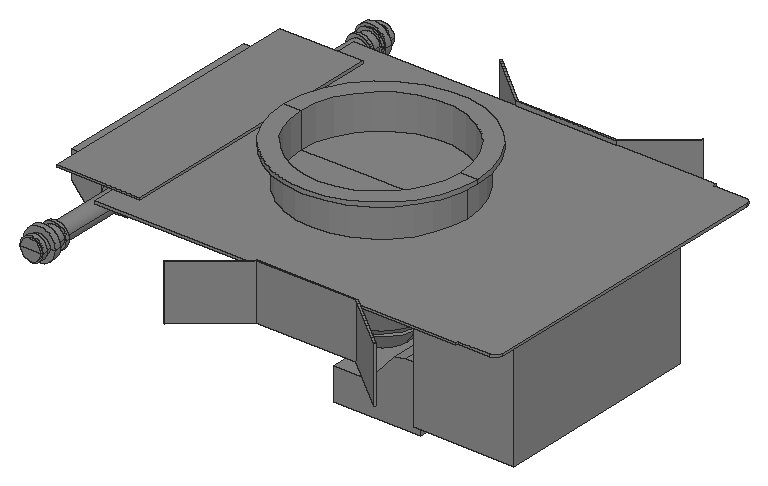
Revit family "CFR6", category Lighting Fixtures, host Face, Revit 2014
Parameters (values of type "CFR6")
  Watts = 26 W
  Wattage Comments = "26W"
  Wattage = 26 W
  built-in parameter 1150110 = 1 (stored number, unit not read)
  Voltage = 120 V
  URL = "https://www.hubbell.com/prescolite/en/"
  built-in parameter 1114217 = 1 (stored number, unit not read)
  Tilt Angle = -90.00°
  built-in parameter 1150109 = 1 (stored number, unit not read)
  built-in parameter 1150134 = 3
  built-in parameter 1150113 = 1 (stored number, unit not read)
  Product Page URL = "https://www.hubbell.com/prescolite/en/Products/Lighting-Controls/Commercial-Indoor-Lighting/Recessed-Downlights/CFR6-Horizontal/p/212845"
  Product Documentation Link = "https://hubbellcdn.com/specsheet/arch_cfl_057.pdf"
  Power Factor = 0.97
  Photometric Web Link = "https://www.hubbell.com/prescolite/en/Products/Lighting-Controls/Commercial-Indoor-Lighting/Recessed-Downlights/CFR6-Horizontal/p/212845"
  Photometric Web File = "CFR6126EB.ies"
  Photometric Notes = "More IES files download on Photometric Web Link"  # constant formula
  Model = "CFR6"  # constant formula
  Manufacturer = "Prescolite"  # constant formula
  built-in parameter 1150105 = 1720.3 (stored number, unit not read)
  Lumens = 1794 lm
  built-in parameter 1150115 = 1 (stored number, unit not read)
  Load Classification = Lighting
  built-in parameter 1150137 = (empty or 0)
  built-in parameter 1150139 = (empty or 0)
  built-in parameter 1150112 = 1 (stored number, unit not read)
  built-in parameter 1150114 = 1 (stored number, unit not read)
  Lamp = "CFL"  # constant formula
  built-in parameter 1150132 = (empty or 0)
  built-in parameter 1150102 = (empty or 0)
  built-in parameter 1150107 = 3200 (stored number, unit not read)
  built-in parameter 1150138 = (empty or 0)
  built-in parameter 1150106 = 17.203 (stored number, unit not read)
  Housing = Steel - Hubbell - Gray
  Glass = Hubbell - White Glass
  Finish = Steel - Hubbell - Gray
  Emit from Circle Diameter = 6"  # constant formula
  Emit Shape Visible in Rendering = no
  built-in parameter 1150104 = 6.4103 (stored number, unit not read)
  Dimming Lamp Color Temperature Shift = <None>
  Description = "6'' Horizontal Twin and Quad Tube Open, Wall Wash and Regressed Lensed Downlights"  # constant formula
  Default Elevation = 22"
  Contact Us = "https://www.hubbell.com/prescolite/en/contactUs"
  Color Filter = 16777215
  built-in parameter 1114218 = 1 (stored number, unit not read)
  built-in parameter 1150133 = 10 (stored number, unit not read)
  Assembly Code = "D5020210"
  Apparent Load = Watts / Power Factor  # 26.8041 VA
Reference planes (in)
  plane 1 "Center (Front/Back)": y = 0
  plane 2: z = 0
  plane 3 "Center (Left/Right)": x = 0
  plane 4: x = -8.75
  plane 5: x = 8.75
  plane 6: y = 7.5
  plane 7: y = -7.5
  plane 8: x = -0.64787
  plane 9: x = 2.7186
  plane 10: z = -7.11537
  plane 11: x = -0.39787
  plane 12: x = 3.52753
  plane 13: z = -4.8328
  plane 14: z = -5.96474
  plane 15: through (0.27621, -180, -6.64509) normal (-0.7547, 0, 0.6561)
  plane 16: through (0.9928, -180, -5.0466) normal (-0.1736, 0, 0.9848)
  plane 17: z = -7.125
  plane 18: z = -6.06965
  plane 19: z = -1.25
  plane 20: x = -4.14813
  plane 21: x = -3.52287
  plane 22: x = -3.77575
  plane 23: z = 0.14944
  plane 24: z = -1.1219
  plane 25: z = 0.27444
Forms (in)
  Revolve 1, solid, material "Steel - Hubbell - Gray" <- "Finish"
    sketch origin (0, 0, -7.17078) x (1, 0, 0) y (0, 0, 1)
      loop
        arc (-3.48971, 5.92384) -> (-3.3689, 5.07624) -> (-3.16941, 4.24362) r 9.15213
        line (-3.16941, 4.24362) -> (-3.05904, 4.24362)
        arc (-3.05904, 4.24362) -> (-2.73045, 3.13336) -> (-2.23173, 2.0884) r 7.35661
        line (-2.23173, 2.0884) -> (-1.97707, 1.83375) -> (-2.03835, 1.77247)
        arc (-2.03835, 1.77247) -> (-1.8026, 1.42987) -> (-1.54787, 1.10113) r 7.35661
        line (-1.54787, 1.10113) -> (-0.64787, 1.10113) -> (-0.64787, 1.206) -> (-1.50777, 1.206)
        arc (-1.50777, 1.206) -> (-2.38201, 2.6474) -> (-2.92424, 4.24362) r 7.75777
        line (-2.92424, 4.24362) -> (-2.92424, 4.39558) -> (-3.08959, 4.39558)
        arc (-3.08959, 4.39558) -> (-3.26947, 5.15115) -> (-3.37392, 5.92078) r 7.86188
        line (-3.37392, 5.92078) -> (-0.64787, 5.92078) -> (-0.64787, 6.04888) -> (-3.52287, 6.04888) -> (-3.52287, 7.32022) -> (-4.14813, 7.32022) -> (-4.14813, 7.1714) -> (-3.77575, 7.1714) -> (-3.77575, 5.92384) -> (-3.48971, 5.92384)
      axis (-0.64787, 1.10113) -> (-0.64787, 7.32022)
    angle from 0 to 360
  Sweep 2, solid, material "Steel - Hubbell - Gray" <- "Housing"
    path origin (0, 0, -7.17078) x (1, 0, 0) y (0, 0, 1)
      loop
        line (-1.02952, 5.92078) -> (-1.02952, 5.84578)
    profile origin (-1.02952, 0, -1.2875) x (0, -1, 0) y (1, 0, 0)
      loop
        line (-5.94341, -5.33125) -> (5.7798, -5.33125) -> (5.7798, 7.7136) -> (5.68018, 7.7136) -> (5.68018, 8.88165)
        arc (5.68018, 8.88165) -> (5.60696, 9.05843) -> (5.43018, 9.13165) r 0.25
        line (5.43018, 9.13165) -> (-5.57376, 9.13165)
        arc (-5.57376, 9.13165) -> (-5.75054, 9.05843) -> (-5.82376, 8.88165) r 0.25
        line (-5.82376, 8.88165) -> (-5.82376, 7.74648) -> (-5.94341, 7.74648) -> (-5.94341, -5.33125)
  Sweep 3, solid, material "Steel - Hubbell - Gray" <- "Housing"
    path origin (0, 0, 0) x (1, 0, 0) y (0, 1, 0)
      loop
        line (-7.94413, 3.93594) -> (-7.94413, -3.80679)
    profile origin (-7.94413, 0.06458, 0) x (1, 0, 0) y (0, 0, 1)
      loop
        line (-0.80587, -1.25) -> (-0.80587, -2.27623) -> (-0.36197, -2.80525) -> (1.20109, -2.80525) -> (1.60076, -2.40558) -> (1.60076, -1.25) -> (-0.80587, -1.25)
  Revolve 4, solid, material "Steel - Hubbell - Gray" <- "Housing"
    sketch origin (0, 0, -2.10708) x (1, 0, 0) y (0, 1, 0)
      loop
        line (-6.96996, 8.02907) -> (-7.33286, 8.02907) -> (-7.33286, 7.98474) -> (-7.38828, 7.98474) -> (-7.38828, 7.82958) -> (-7.33286, 7.82958) -> (-7.33286, 7.63662) -> (-7.54669, 7.63662) -> (-7.54669, 7.4246) -> (-7.46037, 7.4246) -> (-7.46037, 7.35772) -> (-7.35461, 7.35772) -> (-7.35461, 7.00661) -> (-7.43858, 7.00661) -> (-7.43858, 6.90317) -> (-7.30908, 6.90317) -> (-7.30908, 4.17882) -> (-7.46037, 4.17882) -> (-7.46037, 4.11194) -> (-7.54669, 4.11194) -> (-7.54669, 3.93594) -> (-6.96996, 3.93594) -> (-6.96996, 8.02907)
      axis (-6.96996, 8.02907) -> (-6.96996, 3.93594)
    angle from 0 to 360
  Sweep 5, solid, material "Steel - Hubbell - Gray" <- "Housing"
    path origin (0, 0, -7.17078) x (1, 0, 0) y (0, 0, 1)
      loop
        line (-6.75, 5.92078) -> (-6.75, 5.9961)
    profile origin (-6.75, 0, -1.21234) x (-1, 0, 0) y (0, -1, 0)
      loop
        line (1.66154, -5.13041) -> (1.66154, 4.92223) -> (-1.33846, 4.92223) -> (-1.33846, -5.13041) -> (1.66154, -5.13041)
  Revolve 6, solid, material "Steel - Hubbell - Gray" <- "Housing"
    sketch origin (0, 0.12915, -2.10708) x (1, 0, 0) y (0, 1, 0)
      loop
        line (-6.96996, -8.02907) -> (-6.96996, -3.93594) -> (-7.54669, -3.93594) -> (-7.54669, -4.11194) -> (-7.46037, -4.11194) -> (-7.46037, -4.17882) -> (-7.30908, -4.17882) -> (-7.30908, -6.90317) -> (-7.43858, -6.90317) -> (-7.43858, -7.00661) -> (-7.35461, -7.00661) -> (-7.35461, -7.35772) -> (-7.46037, -7.35772) -> (-7.46037, -7.4246) -> (-7.54669, -7.4246) -> (-7.54669, -7.63662) -> (-7.33286, -7.63662) -> (-7.33286, -7.82958) -> (-7.38828, -7.82958) -> (-7.38828, -7.98474) -> (-7.33286, -7.98474) -> (-7.33286, -8.02907) -> (-6.96996, -8.02907)
      axis (-6.96996, -8.02907) -> (-6.96996, -3.93594)
    angle from 0 to 360
  Sweep 7, solid, material "Steel - Hubbell - Gray" <- "Housing"
    path origin (0, 0, 0) x (1, 0, 0) y (0, 1, 0)
      loop
        line (5.12586, -3.74938) -> (5.12586, 3.78134)
    profile origin (5.12586, 0.01598, 0) x (-1, 0, 0) y (0, 0, 1)
      loop
        line (1.59833, -5.98527) -> (1.59833, -1.325) -> (-2.01374, -1.325) -> (-2.01374, -5.98527) -> (1.59833, -5.98527)
  Sweep 8, solid, material "Steel - Hubbell - Gray" <- "Housing"
    path origin (0, 0.20871, -7.17078) x (1, 0, 0) y (0, 0, -1)
      loop
        line (0.63092, -4.07259) -> (0.63092, -6.07483)
    profile origin (0.63092, 0.20871, -2.09708) x (1, 0, 0) y (0, 1, 0)
      loop
        line (-1.13808, 5.73469) -> (2.50942, 5.73469) -> (4.35577, 7.28396) -> (4.31751, 7.32222) -> (2.49074, 5.78938) -> (-1.11939, 5.78938) -> (-2.94616, 7.32222) -> (-2.98443, 7.28396) -> (-1.13808, 5.73469)
  Sweep 9, solid, material "Steel - Hubbell - Gray" <- "Housing"
    path origin (0, -0.04511, -7.17078) x (1, 0, 0) y (0, 0, 1)
      loop
        line (1.27879, 4.07259) -> (1.27879, 6.07483)
    profile origin (1.27879, -0.04511, -2.09708) x (-1, 0, 0) y (0, -1, 0)
      loop
        line (1.78595, 5.73469) -> (3.78523, 7.41229) -> (3.74697, 7.45055) -> (1.76727, 5.78938) -> (-1.84287, 5.78938) -> (-3.82257, 7.45055) -> (-3.86083, 7.41229) -> (-1.86155, 5.73469) -> (1.78595, 5.73469)
  Sweep 10, solid, material "Steel - Hubbell - Gray" <- "Housing"
    path origin (0, 0, 0) x (1, 0, 0) y (0, 1, 0)
      loop
        line (2.7186, 2.58015) -> (2.7186, -2.41985)
    profile origin (2.7186, 0.08015, 0) x (1, 0, 0) y (0, 0, 1)
      loop
        line (-3.11647, -5.96474) -> (-3.11647, -7.11537) -> (0, -7.11537) -> (0, -5.96474) -> (0.80893, -5.96474) -> (0.80893, -4.8328) -> (-0.51327, -4.8328) -> (-0.93102, -4.90646) -> (-1.85097, -5.96474) -> (-3.11647, -5.96474)
  Extrusion 11, void
    sketch origin (0, 0, 0) x (1, 0, 0) y (0, 1, 0)
      loop
        circle (-0.64787, 0) r 3.125
    from 0 to -1.25
Lines and regions (in)
  symbolic lines
    curve 1: line (-8.75, 7.5, 0) -> (8.75, 7.5, 0)
    curve 2: line (-8.75, -7.5, 0) -> (-8.75, 7.5, 0)
    curve 3: line (8.75, -7.5, 0) -> (-8.75, -7.5, 0)
    curve 4: line (8.75, 7.5, 0) -> (8.75, -7.5, 0)
Dimensions and locks (in)
  equal spacing: plane 4, plane 3 "Center (Left/Right)", plane 5
  locked: plane 4 to plane 5 at 17.5
  locked: plane 6 to plane 7 at 15
  equal spacing: plane 6, plane 1 "Center (Front/Back)", plane 7
  locked: imposter light to Sweep 8 sketch curve at 1.27879
  locked: plane 4 to Sweep 3 sketch curve at 0.80587
  locked: Sweep 7 sketch curve to plane 5 at 3.62414
  locked: imposter light to Sweep 2 sketch curve at 0.38165
  locked: plane 3 "Center (Left/Right)" to plane 11 at 0.39787
  locked: plane 9 to plane 11 at 3.11647
  locked: plane 12 to plane 9 at 0.80893
  locked: plane 2 to plane 13 at 4.8328
  locked: plane 13 to plane 10 at 2.28257
  locked: plane 13 to plane 14 at 1.13194
  locked: plane 2 to plane 17 at 7.125
  locked: plane 2 to plane 18 at 6.06965
  plane 2 to plane 19 = 1 1/4"
  plane 8 to plane 21 = 2 7/8"
  plane 21 to plane 22 = 0.25287"
  plane 8 to plane 20 = 3.50026"
  locked: plane 23 to plane 2 at 0.14944
  radius of Extrusion 11 sketch curve = 3 1/8"
  locked: plane 13 to plane 16 (angle 10.00°)
  locked: plane 13 to plane 15 (angle 49.00°)
  aligned and locked: plane 2 to host face
  aligned and locked: level to host face
  aligned and locked: curve 1 to plane 6
  aligned and locked: plane 4 to curve 2
  aligned and locked: plane 7 to curve 3
  aligned and locked: plane 5 to curve 4
  aligned and locked: profile plane to plane 2
  aligned and locked: plane 9 to profile plane
  aligned and locked: plane 10 to Sweep 10 sketch curve
  aligned and locked: plane 11 to Sweep 10 sketch curve
  aligned and locked: plane 12 to Sweep 10 sketch curve
  aligned and locked: plane 13 to Sweep 10 sketch curve
  aligned and locked: plane 14 to Sweep 10 sketch curve
  aligned and locked: Sweep 10 sketch curve to plane 14
  aligned and locked: plane 9 to Sweep 10 sketch curve
  aligned and locked: plane 15 to Sweep 10 sketch curve
  aligned and locked: plane 16 to Sweep 10 sketch curve
  aligned and locked: plane 8 to Revolve 1 sketch curve
  aligned and locked: plane 20 to Revolve 1 sketch curve
  aligned and locked: plane 21 to Revolve 1 sketch curve
  aligned and locked: plane 22 to Revolve 1 sketch curve
  aligned and locked: plane 23 to Revolve 1 sketch curve
  aligned and locked: plane 24 to Revolve 1 sketch curve
  aligned and locked: imposter light to plane 25
Automatic sketch dimensions
  host sketch curve to host sketch curve = 96"
  host sketch curve to host sketch curve = 123.14567"
  Sweep 2 sketch curve to Sweep 2 sketch curve = 0.075"
  Sweep 2 sketch curve to plane 1 "Center (Front/Back)" = 5.94341"
  Sweep 2 sketch curve to Sweep 2 sketch curve = 0.11964"
  Sweep 2 sketch curve to Sweep 2 sketch curve = 1/4"  (x2)
  plane 1 "Center (Front/Back)" to Sweep 2 sketch curve = 5.43018"
  plane 1 "Center (Front/Back)" to Sweep 2 sketch curve = 5.7798"
  profile plane to Sweep 2 sketch curve = 5.33125"
  Sweep 2 sketch curve to profile plane = 7.7136"
  Sweep 2 sketch curve to profile plane = 7.74648"
  Sweep 2 sketch curve to Sweep 2 sketch curve = 1.13517"
  plane 7 to Sweep 3 sketch curve = 3.69321"
  Sweep 3 sketch curve to plane 6 = 3.56406"
  profile plane to Sweep 3 sketch curve = 0.80587"
  profile plane to Sweep 3 sketch curve = 0.36197"
  Sweep 3 sketch curve to profile plane = 1.20109"
  Sweep 3 sketch curve to profile plane = 1.60076"
  Sweep 3 sketch curve to level = 2.80525"
  Sweep 3 sketch curve to Sweep 3 sketch curve = 0.39967"
  Sweep 3 sketch curve to Sweep 3 sketch curve = 0.52902"
  Sweep 3 sketch curve to Sweep 3 sketch curve = 1.02623"
  plane 6 to Revolve 4 sketch curve = 0.13662"
  plane 4 to Revolve 4 sketch curve = 1.20331"  (x2)
  Revolve 4 sketch curve to Revolve 4 sketch curve = 0.08631"  (x2)
  Revolve 4 sketch curve to Revolve 4 sketch curve = 0.0218"
  Revolve 4 sketch curve to Revolve 4 sketch curve = 0.15841"
  Revolve 4 sketch curve to Revolve 4 sketch curve = 0.08396"
  Revolve 4 sketch curve to Revolve 4 sketch curve = 0.05541"  (x2)
  Revolve 4 sketch curve to Revolve 4 sketch curve = 0.04554"
  Revolve 4 sketch curve to Revolve 4 sketch curve = 0.36291"
  Revolve 4 sketch curve to Revolve 4 sketch curve = 0"  (x2)
  Revolve 4 sketch curve to plane 6 = 0.0754"
  Revolve 4 sketch curve to Revolve 4 sketch curve = 0.06688"  (x2)
  Revolve 4 sketch curve to Revolve 4 sketch curve = 0.35111"
  Revolve 4 sketch curve to Revolve 4 sketch curve = 0.10344"
  Revolve 4 sketch curve to Revolve 4 sketch curve = 2.72435"
  Revolve 4 sketch curve to Revolve 4 sketch curve = 0.17601"
  Revolve 4 sketch curve to Revolve 4 sketch curve = 0.74166"
  Revolve 4 sketch curve to Revolve 4 sketch curve = 0.19295"
  Revolve 4 sketch curve to Revolve 4 sketch curve = 0.15516"
  Revolve 4 sketch curve to Revolve 4 sketch curve = 0.04433"
  plane 4 to Sweep 5 sketch curve = 2"
  Sweep 5 sketch curve to Sweep 5 sketch curve = 0.07532"
  profile plane to Sweep 5 sketch curve = 1.33846"
  Sweep 5 sketch curve to profile plane = 1.66154"
  Sweep 5 sketch curve to plane 1 "Center (Front/Back)" = 5.13041"
  plane 1 "Center (Front/Back)" to Sweep 5 sketch curve = 4.92223"
  Revolve 6 sketch curve to plane 7 = 0.00747"
  plane 4 to Revolve 6 sketch curve = 1.20331"  (x2)
  Revolve 6 sketch curve to Revolve 6 sketch curve = 0.08631"  (x2)
  Revolve 6 sketch curve to Revolve 6 sketch curve = 0.0218"
  Revolve 6 sketch curve to Revolve 6 sketch curve = 0.15841"
  Revolve 6 sketch curve to Revolve 6 sketch curve = 0.08396"
  Revolve 6 sketch curve to Revolve 6 sketch curve = 0.05541"  (x2)
  Revolve 6 sketch curve to Revolve 6 sketch curve = 0.04554"
  Revolve 6 sketch curve to Revolve 6 sketch curve = 0.36291"
  Revolve 6 sketch curve to Revolve 6 sketch curve = 0"  (x2)
  Revolve 6 sketch curve to Revolve 6 sketch curve = 0.19295"
  Revolve 6 sketch curve to Revolve 6 sketch curve = 0.15516"
  Revolve 6 sketch curve to Revolve 6 sketch curve = 0.04433"
  plane 7 to Revolve 6 sketch curve = 0.20456"
  Revolve 6 sketch curve to Revolve 6 sketch curve = 0.06688"  (x2)
  Revolve 6 sketch curve to Revolve 6 sketch curve = 0.35111"
  Revolve 6 sketch curve to Revolve 6 sketch curve = 0.10344"
  Revolve 6 sketch curve to Revolve 6 sketch curve = 2.72435"
  Revolve 6 sketch curve to Revolve 6 sketch curve = 0.17601"
  Revolve 6 sketch curve to Revolve 6 sketch curve = 0.74166"
  plane 1 "Center (Front/Back)" to Sweep 7 sketch curve = 3.74938"
  Sweep 7 sketch curve to plane 1 "Center (Front/Back)" = 3.78134"
  Sweep 8 sketch curve to Sweep 8 sketch curve = 2.00224"
  profile plane to Sweep 8 sketch curve = 2.98443"
  Sweep 8 sketch curve to Sweep 8 sketch curve = 0.03826"  (x4)
  profile plane to Sweep 8 sketch curve = 1.13808"
  Sweep 8 sketch curve to Sweep 8 sketch curve = 0.01868"  (x2)
  Sweep 8 sketch curve to profile plane = 2.49074"
  Sweep 8 sketch curve to Sweep 8 sketch curve = 1.82677"
  profile plane to Sweep 8 sketch curve = 5.73469"
  Sweep 8 sketch curve to Sweep 8 sketch curve = 7/128"
  Sweep 8 sketch curve to Sweep 8 sketch curve = 1.49458"  (x2)
  plane 3 "Center (Left/Right)" to Sweep 9 sketch curve = 1.27879"
  profile plane to Sweep 9 sketch curve = 3.86083"
  Sweep 9 sketch curve to Sweep 9 sketch curve = 0.03826"  (x4)
  profile plane to Sweep 9 sketch curve = 1.86155"
  Sweep 9 sketch curve to Sweep 9 sketch curve = 0.01868"  (x2)
  Sweep 9 sketch curve to profile plane = 1.76727"
  Sweep 9 sketch curve to Sweep 9 sketch curve = 1.9797"
  profile plane to Sweep 9 sketch curve = 5.73469"
  Sweep 9 sketch curve to Sweep 9 sketch curve = 7/128"
  Sweep 9 sketch curve to Sweep 9 sketch curve = 1.6229"  (x2)
  Sweep 2 sketch curve to level = 1.325"
  Sweep 5 sketch curve to level = 1 1/4"
  Sweep 8 sketch curve to level = 1.09596"
  Sweep 9 sketch curve to level = 1.09596"
  Sweep 9 sketch curve to Sweep 9 sketch curve = 2.00224"
  plane 3 "Center (Left/Right)" to Sweep 10 sketch curve = 2.7186"
  plane 1 "Center (Front/Back)" to Sweep 10 sketch curve = 2.41985"
  Sweep 10 sketch curve to plane 1 "Center (Front/Back)" = 2.58015"
  profile plane to Sweep 7 sketch curve = 2.01374"
  Sweep 7 sketch curve to profile plane = 1.59833"
  Sweep 7 sketch curve to level = 5.98527"
  Sweep 7 sketch curve to level = 1.325"
  plane 1 "Center (Front/Back)" to Extrusion 11 sketch curve = 0"
  Extrusion 11 sketch curve to plane 8 = 0"
  Revolve 1 sketch curve to Revolve 1 sketch curve = 0"  (x2)
  Revolve 1 sketch curve to plane 19 = 0"
  Revolve 1 sketch curve to plane 18 = 0"
  Revolve 1 sketch curve to plane 8 = 0"  (x2)
  plane 18 to Revolve 1 sketch curve = 0.10487"
  Revolve 1 sketch curve to Revolve 1 sketch curve = 0.0401"
  Revolve 1 sketch curve to Revolve 1 sketch curve = 0.4693"
  plane 18 to Revolve 1 sketch curve = 0.67134"
  Revolve 1 sketch curve to Revolve 1 sketch curve = 0.06128"
  Revolve 1 sketch curve to Revolve 1 sketch curve = 0.25465"
  Revolve 1 sketch curve to plane 19 = 1.67716"
  Revolve 1 sketch curve to Revolve 1 sketch curve = 0.69251"
  Revolve 1 sketch curve to Revolve 1 sketch curve = 0.1348"
  Revolve 1 sketch curve to Revolve 1 sketch curve = 0.03055"
  Revolve 1 sketch curve to Revolve 1 sketch curve = 0.11037"
  Revolve 1 sketch curve to Revolve 1 sketch curve = 0.28433"
  plane 19 to Revolve 1 sketch curve = 0.00306"
  Revolve 1 sketch curve to Revolve 1 sketch curve = 0.11579"
  Revolve 1 sketch curve to Revolve 1 sketch curve = 0.03316"
  level to Revolve 1 sketch curve = 0.00061"
  Revolve 1 sketch curve to plane 19 = 0.15105"
  Revolve 1 sketch curve to Revolve 1 sketch curve = 0.32172"
  plane 19 to Revolve 1 sketch curve = 0.0052"
  Revolve 1 sketch curve to level = 0.38072"
  Revolve 1 sketch curve to Revolve 1 sketch curve = 1.16207"
  Revolve 1 sketch curve to Revolve 1 sketch curve = 0.15195"
  Revolve 1 sketch curve to plane 17 = 0.94465"
  level to Revolve 1 sketch curve = 2.68035"
Connectors (in)
  electrical at (5.33356, 0.01598, -5.98527), driven by "Apparent Load", driven by "Load Classification", driven by "Voltage", driven by "Apparent Load", driven by "Power Factor"
    settings: on Sweep 7, index 1, voltage 120 V, apparent load 26.8041 VA, apparent load phase1 26.8041 VA, apparent load phase2 0 VA, apparent load phase3 0 VA, power factor 0.97, load classification "Lighting", number of poles 1, system type 30, power factor state 1, is connector primary yes, connector utility no, sub classification motor no, connector description "Lighting Connector"
